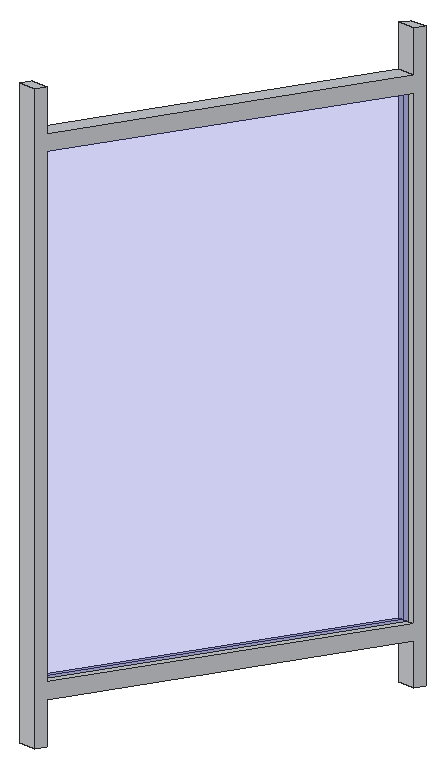
Revit family "M_Baluster Panel 1", category 난간동자, Revit 2026
Family settings
  항상 수직 = 예
  로드될 때 보이드를 사용하여 절단 = 아니오
  공유 = 아니오
Parameters (values of type "600mm - Glass")
  built-in parameter 1008623 [instance] = (empty or 0)
  built-in parameter 1008625 [instance] = 18.00°
  Post = no
  Panel Material = Glass
  Width [instance] = 600 mm
  Frame Material = none
  built-in parameter 1008624 [instance] = (empty or 0)
  built-in parameter 1008622 [instance] = 750 mm
Types (4, lengths in mm): name | Panel Material | Width
  (no name) | Glass | 600
  600mm - Glass | Glass | 600
  600mm - Chainlink | Chainlink | 600
  450mm - Glass | Glass | 450
Reference planes
  plane 1 "Center (Front/Back)": y = 0
  plane 2: z = 0
  plane 3 "Center (Left/Right)": x = 0
  plane 4 "Top": z = 750
  plane 5 "Slope Angle (Top)": through (0, 220.419, 678.381) normal (0, -0.309, -0.9511)
  plane 6 "Slope Angle (Bottom)": through (0, 0, 0) normal (0, -0.309, -0.9511)
  plane 7 "Front": y = 300
  plane 8 "Back": y = -300
  plane 9: z = 1054.8
  plane 10: z = -304.8
  plane 11: x = -19.05
  plane 12: x = 25.4
  plane 13: x = -9.525
  plane 14: x = 9.525
  plane 15: x = -3.175
  plane 16: x = 3.175
Forms (mm)
  Extrusion 1, solid, material <- "Frame Material"
    sketch origin (0, 0, 0) x (1, 0, 0) y (0, 1, 0)
      loop
        line (-9.525, 309.525) -> (-9.525, 290.475) -> (9.525, 290.475) -> (9.525, 309.525) -> (-9.525, 309.525)
    from -304.8 to 1054.8
  Extrusion 2, solid, material <- "Frame Material"
    sketch origin (0, 0, 0) x (1, 0, 0) y (0, 1, 0)
      loop
        line (-9.525, -290.475) -> (-9.525, -309.525) -> (9.525, -309.525) -> (9.525, -290.475) -> (-9.525, -290.475)
    from -304.8 to 1054.8
  Extrusion 3, void
    sketch origin (0, 0, 0) x (0, 1, 0) y (0, 0, 1)
      loop
        line (-334.925, -304.8) -> (334.925, -304.8) -> (334.925, -108.824) -> (-334.925, 108.824) -> (-334.925, -304.8)
      loop
        line (334.925, 1054.8) -> (-334.925, 1054.8) -> (-334.925, 858.824) -> (334.925, 641.176) -> (334.925, 1054.8)
    from -19.05 to 25.4
  Extrusion 4, solid, material <- "Frame Material"
    sketch origin (0, 0, 0) x (0, 1, 0) y (0, 0, 1)
      loop
        line (-300, 774.031) -> (300, 579.079) -> (300, 599.11) -> (-300, 794.062) -> (-300, 774.031)
    from -9.525 to 9.525
  Extrusion 5, solid, material <- "Frame Material"
    sketch origin (0, 0, 0) x (0, 1, 0) y (0, 0, 1)
      loop
        line (-300, 170.921) -> (-300, 150.89) -> (300, -44.062) -> (300, -24.031) -> (-300, 170.921)
    from -9.525 to 9.525
  Extrusion 6, solid, material "Glass" <- "Panel Material"
    sketch origin (0, 0, 0) x (0, 1, 0) y (0, 0, 1)
      loop
        line (290.475, -20.936) -> (290.475, 582.174) -> (-290.475, 770.936) -> (-290.475, 167.826) -> (290.475, -20.936)
    from -3.175 to 3.175
Cuts and joins
  Extrusion 3 cuts Extrusion 1
  Extrusion 3 cuts Extrusion 2
  joined: Extrusion 1, Extrusion 2, Extrusion 4, Extrusion 5
Lines and regions (mm)
  symbolic lines, style "InvisibleLines"
    curve 1: line (0, -300, 773.84) -> (0, 300.36, 578.772)
    curve 2: line (0, -300, 170.921) -> (0, 300, -24.031)
Text (mm)
  text "Baluster Panel Elevation" at (0, 1279.138, 1234.25), in view "Left"
Dimensions and locks
  "built-in parameter 1008622": plane 2 to plane 4 "Top"
  "Width": plane 8 "Back" to plane 7 "Front"
  equal spacing: plane 8 "Back", plane 1 "Center (Front/Back)", plane 7 "Front"
  locked: curve 1 to plane 5 "Slope Angle (Top)" at 70.032  (x2)
  locked: curve 1 to Extrusion 4 sketch curve at 19.232
  locked: plane 4 "Top" to plane 9 at 304.8
  locked: level to plane 10 at 304.8
  locked: plane 6 "Slope Angle (Bottom)" to curve 2 at 69.85  (x2)
  locked: curve 2 to Extrusion 5 sketch curve at 19.05
  equal spacing: plane 13, plane 3 "Center (Left/Right)", plane 14
  locked: plane 13 to plane 14 at 19.05
  locked: plane 15 to plane 16 at 6.35
  equal spacing: plane 15, plane 3 "Center (Left/Right)", plane 16
  "built-in parameter 1008625": angle plane 4 "Top" to plane 5 "Slope Angle (Top)"
  "built-in parameter 1008625": angle level to plane 6 "Slope Angle (Bottom)"
  aligned and locked: Extrusion 1 to plane 9
  aligned and locked: plane 10 to Extrusion 1
  aligned and locked: Extrusion 2 to Extrusion 1
  aligned and locked: Extrusion 1 to Extrusion 2
  aligned and locked: plane 10 to Extrusion 3 sketch curve
  aligned and locked: Extrusion 3 sketch curve to plane 6 "Slope Angle (Bottom)"
  aligned and locked: Extrusion 3 sketch curve to plane 9
  aligned and locked: plane 5 "Slope Angle (Top)" to Extrusion 3 sketch curve
  aligned and locked: plane 11 to Extrusion 3
  aligned and locked: Extrusion 3 to plane 12
  aligned and locked: Extrusion 4 sketch curve to plane 7 "Front"
  aligned and locked: Extrusion 4 sketch curve to plane 8 "Back"
  aligned and locked: plane 7 "Front" to curve 2
  aligned and locked: plane 8 "Back" to curve 2
  aligned and locked: Extrusion 5 sketch curve to curve 2
  aligned and locked: Extrusion 1 sketch curve to plane 13
  aligned and locked: plane 14 to Extrusion 1 sketch curve
  aligned and locked: Extrusion 2 sketch curve to plane 13
  aligned and locked: plane 14 to Extrusion 2 sketch curve
  aligned and locked: plane 13 to Extrusion 4
  aligned and locked: Extrusion 4 to plane 14
  aligned and locked: cut or joined group of Extrusion 1, Extrusion 2, Extrusion 3, Extrusion 4, Extrusion 5 to Extrusion 5  (x2)
  aligned and locked: Extrusion 6 sketch curve to cut or joined group of Extrusion 1, Extrusion 2, Extrusion 3, Extrusion 4, Extrusion 5  (x4)
  aligned and locked: Extrusion 6 to plane 15
  aligned and locked: Extrusion 6 to plane 16
Automatic sketch dimensions
  plane 8 "Back" to Extrusion 3 sketch curve = 34.925 mm  (x2)
  Extrusion 3 sketch curve to plane 7 "Front" = 34.925 mm  (x2)
  Extrusion 4 sketch curve to Extrusion 4 sketch curve = 20.03 mm  (x2)
  curve 1 to plane 8 "Back" = 0 mm
  curve 1 to plane 7 "Front" = 0.36 mm
  Extrusion 5 sketch curve to plane 8 "Back" = 0 mm
  Extrusion 5 sketch curve to plane 7 "Front" = 0 mm
  plane 7 "Front" to Extrusion 1 sketch curve = 9.525 mm
  Extrusion 1 sketch curve to plane 7 "Front" = 9.525 mm
  plane 8 "Back" to Extrusion 2 sketch curve = 9.525 mm
  Extrusion 2 sketch curve to plane 8 "Back" = 9.525 mm
